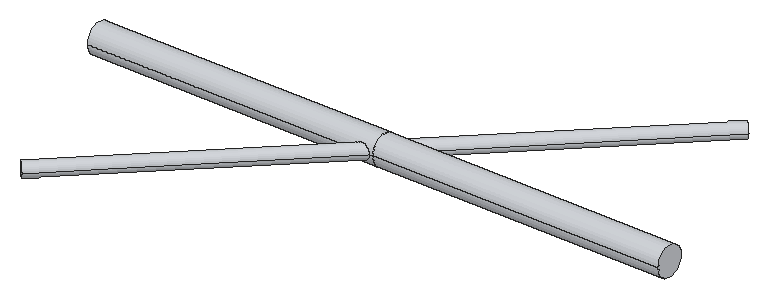
Revit family "Family-PipeFitting-Crossroads", category Pipe Fittings, Revit 2020
Family settings
  Round Connector Dimension = Use Diameter
  Part Type = Elbow
  Work Plane-Based = No
  Always vertical = Yes
  Cut with Voids When Loaded = No
  Shared = No
Parameters
  Main Diameter [instance] = 100 mm
  Intersection to the rightside [instance] = 1000 mm
  Intersection to the leftside [instance] = 1000 mm
  Default Elevation = 0 mm
  Branch pipe length 2 [instance] = 1000 mm
  Branch pipe length 1 [instance] = 1000 mm
  Branch Diameter [instance] = 50 mm
  Angle2 [instance] = Angle  # 45.00°
  Angle [instance] = 45.00°
Reference planes
  plane 1 "Center (Front/Back)": y = 0
  plane 2: z = 0
  plane 3 "Center (Left/Right)": x = 0
Forms (mm)
  Sweep 1, solid
    path origin (0, 0, 0) x (1, 0, 0) y (0, 1, 0)
      loop
        line (1000, 0) -> (0, 0) -> (-1000, 0)
    profile origin (-500, 0, 0) x (0, -1, 0) y (0, 0, 1)
      loop
        circle (0, 0) r 50
  Sweep 2, solid
    path origin (0, 0, 0) x (1, 0, 0) y (0, 1, 0)
      loop
        line (-707.107, -707.107) -> (0, 0) -> (707.107, 707.107)
    profile origin (353.553, 353.553, 0) x (-0.707107, 0.707107, 0) y (0, 0, 1)
      loop
        circle (0, 0) r 25
Cuts and joins
  joined: Sweep 1, Sweep 2
Dimensions and locks
  "Intersection to the leftside": Sweep 1 sketch curve to Sweep 1 sketch curve
  "Intersection to the rightside": Sweep 1 sketch curve to Sweep 1 sketch curve
  "Branch pipe length 1": Sweep 2 sketch curve to Sweep 2 sketch curve
  "Branch pipe length 2": Sweep 2 sketch curve to Sweep 2 sketch curve
  "Main Diameter": diameter of Sweep 1 sketch curve
  "Branch Diameter": diameter of Sweep 2 sketch curve
  "Angle2": angle plane 1 "Center (Front/Back)" to Sweep 2 sketch curve
  "Angle": angle plane 1 "Center (Front/Back)" to Sweep 2 sketch curve
  aligned and locked: level to plane 2
Automatic sketch dimensions
  plane 1 "Center (Front/Back)" to Sweep 1 sketch curve = 0 mm
  Sweep 1 sketch curve to plane 3 "Center (Left/Right)" = 0 mm
  Sweep 1 sketch curve to level = 0 mm
  Sweep 1 sketch curve to profile plane = 0 mm
  plane 1 "Center (Front/Back)" to Sweep 2 sketch curve = 0 mm
  Sweep 2 sketch curve to plane 3 "Center (Left/Right)" = 0 mm
  Sweep 2 sketch curve to level = 0 mm
  Sweep 2 sketch curve to profile plane = 0 mm
Connectors
  piping at (707.107, 707.107, 0), diameter 609.6
    settings: on cut or joined group of Sweep 1, Sweep 2, index 1, connector inside diameter 609.6 mm, connector length 0 mm, flow factor 0, pipe flow 0.0 L/s, pressure drop 0.0 Pa, fitting loss kfactor 0, connector angle 0.00°, fixture units 0, engagement length 0 mm, angle of deflection 0.00°, flow configuration 0, flow direction 0, fitting loss method 0, system type 7, joint type 0, gender type 0, connector reference index -1, connector utility 0, adjustable connector no, is connector primary yes, connector description ""
  piping at (1000, 0, 0), diameter 609.6
    settings: on cut or joined group of Sweep 1, Sweep 2, index 2, connector inside diameter 609.6 mm, connector length 0 mm, flow factor 0, pipe flow 0.0 L/s, pressure drop 0.0 Pa, fitting loss kfactor 0, connector angle 0.00°, fixture units 0, engagement length 0 mm, angle of deflection 0.00°, flow configuration 0, flow direction 0, fitting loss method 0, system type 7, joint type 0, gender type 0, connector reference index -1, connector utility 0, adjustable connector no, is connector primary no, connector description ""
  piping at (-707.107, -707.107, 0), diameter 609.6
    settings: on cut or joined group of Sweep 1, Sweep 2, index 3, connector inside diameter 609.6 mm, connector length 0 mm, flow factor 0, pipe flow 0.0 L/s, pressure drop 0.0 Pa, fitting loss kfactor 0, connector angle 0.00°, fixture units 0, engagement length 0 mm, angle of deflection 0.00°, flow configuration 0, flow direction 0, fitting loss method 0, system type 7, joint type 0, gender type 0, connector reference index -1, connector utility 0, adjustable connector no, is connector primary no, connector description ""
  piping at (-1000, 0, 0), diameter 609.6
    settings: on cut or joined group of Sweep 1, Sweep 2, index 4, connector inside diameter 609.6 mm, connector length 0 mm, flow factor 0, pipe flow 0.0 L/s, pressure drop 0.0 Pa, fitting loss kfactor 0, connector angle 0.00°, fixture units 0, engagement length 0 mm, angle of deflection 0.00°, flow configuration 0, flow direction 0, fitting loss method 0, system type 7, joint type 0, gender type 0, connector reference index -1, connector utility 0, adjustable connector no, is connector primary no, connector description ""
